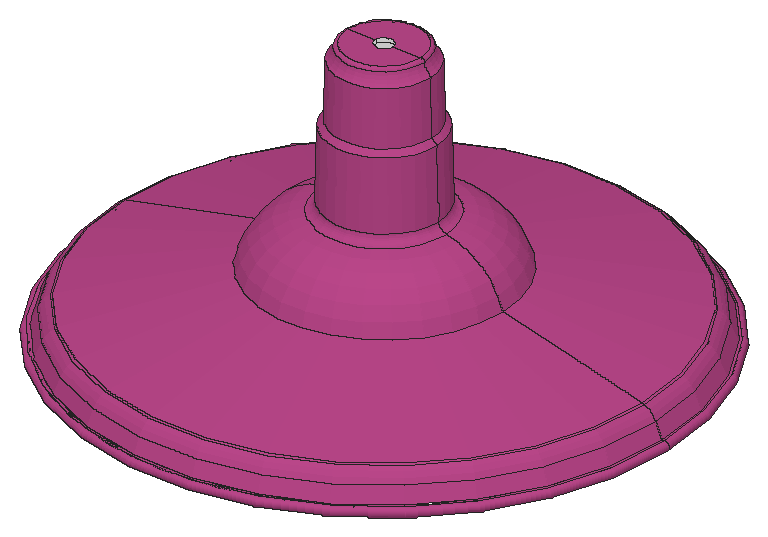
Revit family "S316 SHADE", category Lighting Fixtures, Revit 2024
Family settings
  Round Connector Dimension = Use Diameter
  Part Type = Normal
  OmniClass Number = 23.80.70.00
  OmniClass Title = Lighting
  Work Plane-Based = No
  Always vertical = Yes
  Cut with Voids When Loaded = No
  Light Source = No
  Maintain Annotation Orientation = No
  Shared = No
  Room Calculation Point = No
Parameters
  Default Elevation = 0' - 0"
Reference planes (in)
  plane 1 "Light Source Axis (F/B)": y = 0
  plane 2: z = 0
  plane 3 "Light Source Axis (L/R)": x = 0
  plane 4 "Light Source Elevation": z = 54
Forms (in)
  Revolve 1, solid
    sketch origin (0, 0, 0) x (1, 0, 0) y (0, 0, 1)
      loop
        line (-0.25, 61.5) -> (-1.02697, 61.5)
        arc (-1.02697, 61.5) -> (-1.09032, 61.47737) -> (-1.125, 61.41973) r 0.1
        arc (-1.125, 61.41973) -> (-1.19147, 61.24449) -> (-1.31083, 61.1) r 0.57412
        line (-1.31083, 61.1) -> (-1.33701, 59.6) -> (-1.48701, 59.4502) -> (-1.52017, 57.55049)
        arc (-1.52017, 57.55049) -> (-1.58572, 57.38593) -> (-1.74386, 57.30611) r 0.25
        arc (-1.74386, 57.30611) -> (-2.74364, 56.84029) -> (-3.32017, 55.9) r 1.91336
        arc (-3.32017, 55.9) -> (-5.31794, 55.54401) -> (-7.27677, 55.01408) r 23.10307
        arc (-7.27677, 55.01408) -> (-7.30671, 55.00239) -> (-7.33489, 54.98695) r 0.25
        arc (-7.33489, 54.98695) -> (-7.50313, 54.84104) -> (-7.62111, 54.65215) r 0.75
        line (-7.62111, 54.65215) -> (-7.79556, 54.25) -> (-7.875, 54.25)
        arc (-7.875, 54.25) -> (-7.96544, 54.03871) -> (-7.75014, 54.11914) r 0.125
        line (-7.75014, 54.11914) -> (-7.5351, 54.61484)
        arc (-7.5351, 54.61484) -> (-7.43187, 54.78012) -> (-7.28466, 54.90779) r 0.65625
        arc (-7.28466, 54.90779) -> (-7.26705, 54.91744) -> (-7.24834, 54.92475) r 0.15625
        arc (-7.24834, 54.92475) -> (-5.26626, 55.45949) -> (-3.2444, 55.81542) r 23.00932
        arc (-3.2444, 55.81542) -> (-2.70496, 56.74878) -> (-1.73205, 57.21309) r 1.81961
        arc (-1.73205, 57.21309) -> (-1.51592, 57.32334) -> (-1.42644, 57.54887) r 0.34375
        line (-1.42644, 57.54887) -> (-1.39394, 59.41065) -> (-1.24394, 59.56046) -> (-1.21779, 61.05854)
        arc (-1.21779, 61.05854) -> (-1.09871, 61.21838) -> (-1.0321, 61.40625) r 0.66787
        line (-1.0321, 61.40625) -> (-0.25, 61.40625) -> (-0.25, 61.5)
      axis (0, 61.5) -> (0, 54.11914)
    angle from 0 to 360
Dimensions and locks (in)
  aligned and locked: level to plane 2
